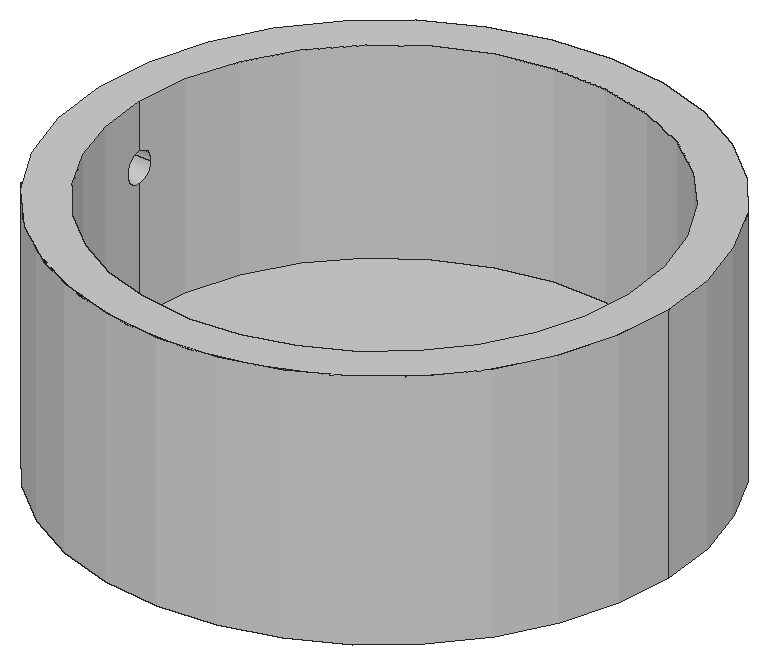
Revit family "KOD 10.5", category Фундамент несущей конструкции, Revit 2025
Family settings
  Материал для поведения модели = Прочее
  Заглушка = Нет
  Номер OmniClass = 23.25.05.00
  Заголовок OmniClass = Foundations
  На основе рабочей плоскости = Нет
  Всегда вертикально = Да
  При загрузке вырезать с полостями = Нет
  Общий = Нет
  Показывать семейство разрезанным на планах = Да
Parameters
  Петля = Петля_П1_П2 : П2
Reference planes
  plane 1 "По центру (Вперед/Назад)": y = -35
  plane 2: z = 0
  plane 3 "По центру (Влево/Вправо)": x = 0
  plane 4: z = 490
  plane 5: z = 370
  plane 6: x = -500
  plane 7: x = 500
  plane 8: x = -570
  plane 9: x = 570
  plane 10: z = 400
  plane 11: z = 340
  plane 12 "2": y = -65
  plane 13 "3": y = -5
  plane 14: x = -580
  plane 15: x = 580
  plane 16: z = 100
Forms (mm)
  Extrusion 1, solid, material "Бетон В15"
    sketch origin (0, 0, 0) x (1, 0, 0) y (0, 1, 0)
      loop
        circle (0, -35) r 580
      loop
        circle (0, -35) r 500
    from 0 to 490
  Extrusion 2, void
    sketch origin (0, 0, 0) x (0, 1, 0) y (0, 0, -1)
      loop
        circle (-35, -370) r 30
    from -570 to 570
  Extrusion 3, solid, material "Бетон В15"
    sketch origin (0, 0, 0) x (1, 0, 0) y (0, 1, 0)
      loop
        circle (0, -35) r 500
    from 0 to 100
Cuts and joins
  Extrusion 2 cuts Extrusion 1
  joined: Extrusion 1, Extrusion 3
Dimensions and locks
  plane 4 to level = 490 mm
  plane 5 to level = 370 mm
  aligned and locked: plane 2 to level
